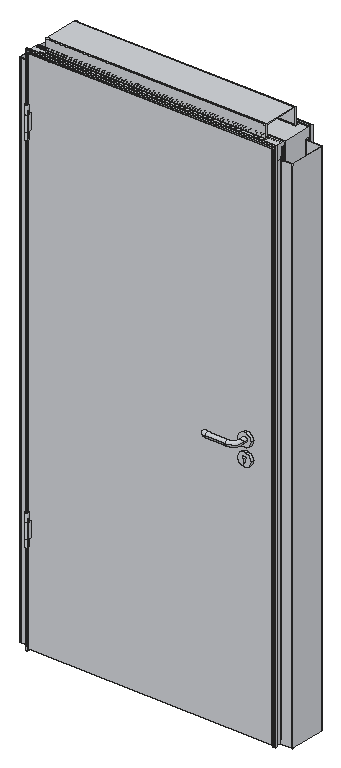
Revit family "BOS-Sino-Zarge-osd-STW_Familie", category Türen, Revit 2017 (continued)
Definition of nested family "BOS-Türblatt_Modell"
  Parameters (values of type "BOS-Türblatt_Modell")
    Glastürdrücker = no
    Glastürdrücker DIN rechts [instance] = and(Glastürdrücker, DIN rechts)  # no
    Glastürdrücker DIN links [instance] = and(Glastürdrücker, DIN links)  # no
    Gefälzt = yes
    FMH Zargen Falzmaß Höhe = 2108 mm
    FMB Zargen Falzmaß Breite = 966 mm
    Einfachfalz = yes
    Drückerhöhe = 1050 mm
    Drückergarnitur = yes
    Drückerabstand = 100 mm
    Drehpunktabstand vertikal = (2 * Türblattstärke) + Türblattversatz vertikal  # 76.5 mm
    Drehpunktabstand horizontal = (TAB Türblatt Außenmaß Breite / 2) + if(DIN links, -Türblattversatz horizontal, TAB Türblatt Außenmaß Breite + Türblattversatz horizontal)  # 481 mm
    Doppelfalz = no
    Drückergarnitur DIN rechts [instance] = and(Drückergarnitur, DIN rechts)  # no
    Drückergarnitur DIN links [instance] = and(Drückergarnitur, DIN links)  # yes
    DIN rechts = no
    DIN links = yes
    Description = "Holz- oder Glastürblatt, mit Drücker, gefälzt oder stumpf"
    Keynote = "BOS Türblatt"
    TAB3 Türblatt Außenmaß Breite 3 = FMB Zargen Falzmaß Breite - 2 * (Falzaufschlag + [Türblattabstand links-rechts])  # 929 mm
    TAB Türblatt Außenmaß Breite = FMB Zargen Falzmaß Breite + 2 * (if(Gefälzt, Türblattaufschlag, 0 mm) - [Türblattabstand links-rechts])  # 985 mm
    TAB2 Türblatt Außenmaß Breite 2 = FMB Zargen Falzmaß Breite - 2 * ([Türblattabstand links-rechts])  # 959 mm
    Falzaufschlag = 15 mm
    BOS-Architekten-Beratung = "Tel.: +49 (0) 2572 203-203; E-Mail: architekten@BestOfSteel.de"
  Reference planes
    plane 1: y = -7
    plane 2: z = 0
    plane 3: x = 0
    plane 4: z = 7
    plane 5: z = 2117
    plane 6: x = -492.5
    plane 7: x = 492.5
    plane 8: x = -479.5
    plane 9: x = 479.5
    plane 10: x = 464.5
    plane 11: x = -464.5
    plane 12: y = 7.5
    plane 13: y = 33
    plane 14: y = 33
    plane 15: z = 2104
    plane 16: z = 2089
    plane 17: x = -392.5
    plane 18: x = 392.5
    plane 19: y = 73
    plane 20: z = 1050
    plane 21: x = -502.5
    plane 22: x = 502.5
    plane 23: z = 2127
    plane 24: x = -985
    plane 25: x = -504
    plane 26: y = -3.5
  Forms (mm)
    Extrusion 1, solid, material <- "Material - Türblatt", detail levels medium+fine
      sketch origin (0, 0, 0) x (1, 0, 0) y (0, 1, 0)
        loop
          line (-492.5, 33) -> (-492.5, -7) -> (492.5, -7) -> (492.5, 33) -> (-492.5, 33)
      from 7 to 2117
    Extrusion 2, void
      sketch origin (0, 0, 0) x (1, 0, 0) y (0, 1, 0)
        loop
          line (-502.5, 73) -> (-502.5, 7.5) -> (-479.5, 7.5) -> (-479.5, 33) -> (-464.5, 33) -> (-464.5, 73) -> (-502.5, 73)
        loop
          line (464.5, 73) -> (464.5, 33) -> (479.5, 33) -> (479.5, 7.5) -> (502.5, 7.5) -> (502.5, 73) -> (464.5, 73)
      from 7 to 2117
    Extrusion 3, void
      sketch origin (0, 0, 0) x (0, 1, 0) y (0, 0, 1)
        loop
          line (73, 2127) -> (7.5, 2127) -> (7.5, 2104) -> (33, 2104) -> (33, 2089) -> (73, 2089) -> (73, 2127)
      from -492.5 to 492.5
  Cuts and joins
    Extrusion 2, Extrusion 3 cuts Extrusion 1
  Dimensions and locks
    "Türblattabstand unten": plane 4 to plane 2
    equal spacing: plane 6, plane 3, plane 7
    "TAB Türblatt Außenmaß Breite": plane 6 to plane 7
    equal spacing: plane 8, plane 3, plane 9
    "TAB2 Türblatt Außenmaß Breite 2": plane 8 to plane 9
    equal spacing: plane 11, plane 3, plane 10
    "TAB3 Türblatt Außenmaß Breite 3": plane 11 to plane 10
    "Türblattstärke 1": plane 1 to plane 12
    "Türblattstärke 2": plane 13 to plane 12
    "Türblattstärke 3": plane 14 to plane 13
    "TAH Türblatt Außenmaß Höhe": plane 5 to plane 4
    "TAH2 Türblatt Außenmaß Höhe 2": plane 15 to plane 4
    "TAH3 Türblatt Außenmaß Höhe 3": plane 16 to plane 4
    "Drückerabstand": plane 6 to plane 17
    "Drückerabstand": plane 18 to plane 7
    "Türblattstärke": plane 19 to plane 14
    "Drückerhöhe": plane 20 to plane 2
    plane 21 to plane 6 = 10 mm
    plane 7 to plane 22 = 10 mm
    plane 23 to plane 5 = 10 mm
    "Drehpunktabstand horizontal": plane 24 to plane 25
    "TAB Türblatt Außenmaß Breite": plane 24 to plane 3
    "Drehpunktabstand vertikal": plane 19 to plane 26
    aligned and locked: level to plane 2
    aligned and locked: Extrusion 1 sketch curve to plane 1
    aligned and locked: Extrusion 1 sketch curve to plane 6
    aligned and locked: Extrusion 1 sketch curve to plane 14
    aligned and locked: Extrusion 1 sketch curve to plane 7
    aligned and locked: Extrusion 1 to plane 4
    aligned and locked: plane 5 to Extrusion 1
    aligned and locked: plane 19 to Extrusion 2 sketch curve
    aligned and locked: plane 11 to Extrusion 2 sketch curve
    aligned and locked: plane 13 to Extrusion 2 sketch curve  (x2)
    aligned and locked: plane 8 to Extrusion 2 sketch curve
    aligned and locked: Extrusion 2 sketch curve to plane 12
    aligned and locked: plane 10 to Extrusion 2 sketch curve
    aligned and locked: plane 9 to Extrusion 2 sketch curve
    aligned and locked: plane 12 to Extrusion 2 sketch curve
    aligned and locked: Extrusion 2 sketch curve to plane 19
    aligned and locked: Extrusion 2 to plane 4
    aligned and locked: plane 5 to Extrusion 2
    aligned and locked: Extrusion 3 sketch curve to plane 12
    aligned and locked: plane 19 to Extrusion 3 sketch curve
    aligned and locked: Extrusion 3 sketch curve to plane 16
    aligned and locked: Extrusion 3 sketch curve to plane 15
    aligned and locked: Extrusion 3 sketch curve to plane 13
    aligned and locked: plane 7 to Extrusion 3
    aligned and locked: Extrusion 3 to plane 6
    aligned and locked: plane 22 to Extrusion 2 sketch curve
    aligned and locked: Extrusion 2 sketch curve to plane 21
    aligned and locked: plane 23 to Extrusion 3 sketch curve
    aligned and locked: nested 1 to plane 20
    aligned and locked: plane 20 to nested 3
    aligned and locked: plane 20 to nested 2
    aligned and locked: nested 4 to plane 20
    aligned and locked: nested 1 to plane 17
    aligned and locked: nested 3 to plane 17
    aligned and locked: nested 2 to plane 18
    aligned and locked: nested 4 to plane 18
    aligned and locked: plane 1 to nested 1
    aligned and locked: nested 3 to plane 14
    aligned and locked: plane 14 to nested 4
    aligned and locked: nested 2 to plane 1
    aligned and locked: nested 5 to plane 20
    aligned and locked: plane 20 to nested 6
    aligned and locked: nested 5 to plane 6
    aligned and locked: nested 6 to plane 7
    aligned and locked: plane 1 to nested 5
    aligned and locked: nested 6 to plane 1
  Nested families
    nested 1: "BOS-Drückergarnitur_Modell" at (-392.5, -7, 1050), visible <- "Drückergarnitur DIN rechts", type "BOS-Drückergarnitur_Modell", detail levels fine
    nested 2: "BOS-Drückergarnitur_Modell" at (392.5, -7, 1050) x (-1, 0, 0) z (0, 0, 1), visible <- "Drückergarnitur DIN links", type "BOS-Drückergarnitur_Modell", detail levels fine
    nested 3: "BOS-Drückergarnitur_Modell" at (-392.5, 33, 1050), visible <- "Drückergarnitur DIN rechts", type "BOS-Drückergarnitur_Modell", detail levels fine
    nested 4: "BOS-Drückergarnitur_Modell" at (392.5, 33, 1050) x (-1, 0, 0) z (0, 0, 1), visible <- "Drückergarnitur DIN links", type "BOS-Drückergarnitur_Modell", detail levels fine
    nested 5: "BOS-Glastürdrücker_Modell" at (-436, -82, 1050), visible <- "Glastürdrücker DIN rechts", type "BOS-Glastürdrücker_Modell", detail levels fine
      with Türblattstärke 40 mm
    nested 6: "BOS-Glastürdrücker_Modell" at (436, -82, 1050) x (-1, 0, 0) z (0, 0, 1), visible <- "Glastürdrücker DIN links", type "BOS-Glastürdrücker_Modell", detail levels fine
      with Türblattstärke 40 mm
  Definition of nested family "BOS-Drückergarnitur_Modell"
    Parameters (values of type "BOS-Drückergarnitur_Modell")
      URL = "www.BestOfSteel.de"
      Rechtliche Hinweise = "www.BestOfSteel.de/tools-downloads/bim-building-information-modeling/"
      Material - Drückergarnitur = none
      Description = "Drücker und Rosette"
      Keynote = "BOS Drückergarnitur"
      BOS-Architekten-Beratung = "Tel.: +49 (0) 2572 203-203; E-Mail: architekten@BestOfSteel.de"
      Technische Infos rund um die Stahlzarge = "www.BestOfSteel.de/tools-downloads/technische-infos-rund-um-die-stahlzarge/"
    Reference planes
      plane 1: y = 0
      plane 2: z = 0
      plane 3: x = 0
    Forms (mm)
      Sweep 1, solid, material <- "Material - Drückergarnitur"
        path origin (0, 0, 0) x (1, 0, 0) y (0, 1, 0)
          loop
            line (0, 0) -> (0, -10)
        profile origin (0, -5, 0) x (1, 0, 0) y (0, 0, 1)
          loop
            circle (0, 0) r 26
      Sweep 2, solid, material <- "Material - Drückergarnitur"
        path origin (0, 0, 0) x (1, 0, 0) y (0, 1, 0)
          loop
            line (0, -10) -> (0, -30.336)
            arc (0, -30.336) -> (8.201, -50.135) -> (28, -58.336) r 28
            line (28, -58.336) -> (108.063, -58.336)
            arc (108.063, -58.336) -> (116.614, -56.829) -> (124.133, -52.487) r 25
        profile origin (0, -20.168, 0) x (1, 0, 0) y (0, 0, 1)
          loop
            circle (0, 0) r 9
      Sweep 3, solid, material <- "Material - Drückergarnitur"
        path origin (0, 0, -70) x (1, 0, 0) y (0, 1, 0)
          loop
            line (0, 0) -> (0, -10)
        profile origin (0, -5, -70) x (1, 0, 0) y (0, 0, 1)
          loop
            circle (0, 0) r 26
          loop
            arc (-4.3, -12.6) -> (0, -16.9) -> (4.3, -12.6) r 4.3
            line (4.3, -12.6) -> (4.3, 0)
            arc (4.3, 0) -> (7.07, 8.305) -> (0, 13.47) r 7.421
            arc (0, 13.47) -> (-7.07, 8.305) -> (-4.3, 0) r 7.421
            line (-4.3, 0) -> (-4.3, -12.6)
    Dimensions and locks
      plane 2 to Sweep 3 = 70 mm
    Automatic sketch dimensions
      Sweep 1 sketch curve to plane 3 = 0 mm
      plane 1 to Sweep 1 sketch curve = 0 mm
      plane 1 to Sweep 1 sketch curve = 10 mm
      level to Sweep 1 sketch curve = 0 mm
      profile plane to Sweep 1 sketch curve = 0 mm
      Sweep 2 sketch curve to plane 3 = 0 mm
      plane 3 to Sweep 2 sketch curve = 28 mm
      plane 1 to Sweep 2 sketch curve = 33.336 mm
      Sweep 2 sketch curve to Sweep 2 sketch curve = 80.063 mm
      plane 1 to Sweep 2 sketch curve = 58.336 mm
      Sweep 2 sketch curve to Sweep 2 sketch curve = 16.07 mm
      plane 1 to Sweep 2 sketch curve = 10 mm
      level to Sweep 2 sketch curve = 0 mm
      profile plane to Sweep 2 sketch curve = 0 mm
      Sweep 3 sketch curve to plane 3 = 0 mm
      plane 1 to Sweep 3 sketch curve = 0 mm
      plane 1 to Sweep 3 sketch curve = 10 mm
      Sweep 3 sketch curve to Sweep 3 sketch curve = 0 mm  (x2)
      Sweep 3 sketch curve to profile plane = 0 mm  (x2)
      profile plane to Sweep 3 sketch curve = 0 mm  (x3)
      Sweep 3 sketch curve to Sweep 3 sketch curve = 4.3 mm
      Sweep 3 sketch curve to Sweep 3 sketch curve = 12.6 mm
      profile plane to Sweep 3 sketch curve = 6.049 mm
      radius of Sweep 1 sketch curve = 26 mm
      radius of Sweep 2 sketch curve = 9 mm
      radius of Sweep 3 sketch curve = 26 mm
  Definition of nested family "BOS-Glastürdrücker_Modell"
    Parameters (values of type "BOS-Glastürdrücker_Modell")
      URL = "www.BestOfSteel.de"
      Türblattstärke = 8 mm
      Rechtliche Hinweise = "www.BestOfSteel.de/tools-downloads/bim-building-information-modeling/"
      Material - Drückergarnitur = none
      Manufacturer = ""
      Description = "Glastürdrücker"
      Keynote = "BOS Glastürdrücker"
      BOS-Architekten-Beratung = "Tel.: +49 (0) 2572 203-203; E-Mail: architekten@BestOfSteel.de"
      Technische Infos rund um die Stahlzarge = "www.BestOfSteel.de/tools-downloads/technische-infos-rund-um-die-stahlzarge/"
    Reference planes
      plane 1: y = 75
      plane 2: z = 0
      plane 3: x = 0
      plane 4: y = 83
      plane 5: y = 90.5
      plane 6: y = 100.5
      plane 7: y = 55
      plane 8: y = 45
      plane 9: y = 148.84
      plane 10: z = -77
      plane 11: y = -3.34
      plane 12: x = -56.5
    Forms (mm)
      Extrusion 1, solid, material <- "Material - Drückergarnitur"
        sketch origin (-56.5, 75, 1200) x (-1, 0, 0) y (0, 0, 1)
          loop
            circle (-56.5, -1200) r 26
          loop
            circle (-56.5, -1277) r 26
          loop
            arc (-52.2, -1277) -> (-49.43, -1268.695) -> (-56.5, -1263.53) r 7.421
            arc (-56.5, -1263.53) -> (-63.57, -1268.695) -> (-60.8, -1277) r 7.421
            line (-60.8, -1277) -> (-60.8, -1289.6)
            arc (-60.8, -1289.6) -> (-56.5, -1293.9) -> (-52.2, -1289.6) r 4.3
            line (-52.2, -1289.6) -> (-52.2, -1277)
        from -30 to 25.5
      Extrusion 2, solid, material <- "Material - Drückergarnitur"
        sketch origin (-56.5, 75, 1200) x (-1, 0, 0) y (0, 0, 1)
          loop
            line (0, -1308) -> (0, -1136.127) -> (-66, -1136.127)
            arc (-66, -1136.127) -> (-83.678, -1143.449) -> (-91, -1161.127) r 25
            line (-91, -1161.127) -> (-91, -1283)
            arc (-91, -1283) -> (-83.678, -1300.678) -> (-66, -1308) r 25
            line (-66, -1308) -> (0, -1308)
        from -20 to 15.5
      Extrusion 3, void
        sketch origin (0, 0, 0) x (1, 0, 0) y (0, 1, 0)
          loop
            line (-56.5, 90.5) -> (-56.5, 75) -> (34.5, 75) -> (34.5, 83) -> (-42.5, 83) -> (-42.5, 90.5) -> (-56.5, 90.5)
        from -108 to 63.873
      Sweep 4, solid, material <- "Material - Drückergarnitur"
        path origin (-43.298, 48.32, 0) x (1, 0, 0) y (0, 1, 0)
          loop
            line (43.298, -3.32) -> (43.298, -23.656)
            arc (43.298, -23.656) -> (51.499, -43.455) -> (71.298, -51.656) r 28
            line (71.298, -51.656) -> (151.361, -51.656)
            arc (151.361, -51.656) -> (159.912, -50.149) -> (167.431, -45.807) r 25
        profile origin (0, 34.832, 0) x (1, 0, 0) y (0, 0, 1)
          loop
            circle (0, 0) r 9
      Sweep 5, solid, material <- "Material - Drückergarnitur"
        path origin (-43.298, 97.18, 0) x (1, 0, 0) y (0, 1, 0)
          loop
            line (43.298, 3.32) -> (43.298, 23.656)
            arc (43.298, 23.656) -> (51.499, 43.455) -> (71.298, 51.656) r 28
            line (71.298, 51.656) -> (151.361, 51.656)
            arc (151.361, 51.656) -> (159.912, 50.149) -> (167.431, 45.807) r 25
        profile origin (0, 110.668, 0) x (-1, 0, 0) y (0, 0, 1)
          loop
            circle (0, 0) r 9
    Cuts and joins
      Extrusion 3 cuts Extrusion 2
      Extrusion 3 cuts Extrusion 1
    Dimensions and locks
      plane 9 to plane 6 to plane 5 to plane 4 = 48.34 mm, 10 mm, 7.5 mm
      plane 11 to plane 8 to plane 7 to plane 1 = 48.34 mm, 10 mm, 20 mm
      "Türblattstärke": plane 4 to plane 1
      plane 2 to plane 10 = 77 mm
      aligned and locked: level to plane 2
      aligned and locked: plane 6 to Extrusion 1
      aligned and locked: Extrusion 1 to plane 8
      aligned and locked: plane 5 to Extrusion 2
      aligned and locked: Extrusion 2 to plane 7
      aligned and locked: Extrusion 3 to Extrusion 2
      aligned and locked: plane 1 to Extrusion 3
    Automatic sketch dimensions
      Extrusion 1 sketch curve to Extrusion 1 sketch curve = 0 mm  (x2)
      Extrusion 1 sketch curve to plane 10 = 0 mm  (x2)
      Extrusion 1 sketch curve to plane 3 = 0 mm  (x4)
      Extrusion 1 sketch curve to level = 0 mm
      Extrusion 1 sketch curve to Extrusion 1 sketch curve = 4.3 mm
      Extrusion 1 sketch curve to Extrusion 1 sketch curve = 12.6 mm
      plane 10 to Extrusion 1 sketch curve = 6.049 mm
      plane 3 to Extrusion 2 sketch curve = 9.5 mm  (x2)
      Extrusion 2 sketch curve to Extrusion 2 sketch curve = 25 mm
      Extrusion 2 sketch curve to plane 10 = 31 mm
      level to Extrusion 2 sketch curve = 38.873 mm
      plane 1 to Extrusion 3 sketch curve = 0 mm
      Extrusion 3 sketch curve to plane 4 = 0 mm
      Extrusion 3 sketch curve to plane 5 = 0 mm
      plane 3 to Extrusion 3 sketch curve = 34.5 mm
      Sweep 4 sketch curve to plane 3 = 0 mm
      Sweep 4 sketch curve to plane 8 = 0 mm
      Sweep 4 sketch curve to plane 8 = 20.336 mm
      Sweep 4 sketch curve to Sweep 4 sketch curve = 28 mm
      Sweep 4 sketch curve to plane 8 = 23.336 mm
      Sweep 4 sketch curve to Sweep 4 sketch curve = 80.063 mm
      plane 11 to Sweep 4 sketch curve = 5.853 mm
      profile plane to Sweep 4 sketch curve = 0 mm
      Sweep 4 sketch curve to profile plane = 0 mm
      Sweep 5 sketch curve to plane 3 = 0 mm
      Sweep 5 sketch curve to Sweep 5 sketch curve = 28 mm
      Sweep 5 sketch curve to plane 9 = 25.004 mm
      Sweep 5 sketch curve to Sweep 5 sketch curve = 80.063 mm
      Sweep 5 sketch curve to plane 9 = 28.004 mm
      Sweep 5 sketch curve to plane 9 = 5.853 mm
      plane 6 to Sweep 5 sketch curve = 0 mm
      Sweep 5 sketch curve to profile plane = 0 mm  (x2)
      Extrusion 2 sketch curve to plane 3 = 56.5 mm
      Extrusion 3 sketch curve to plane 3 = 42.5 mm
      Extrusion 3 sketch curve to Extrusion 3 sketch curve = 14 mm
      radius of Extrusion 1 sketch curve = 26 mm  (x2)
      radius of Sweep 4 sketch curve = 9 mm
      radius of Sweep 5 sketch curve = 9 mm
Definition of nested family "BOS-BOS_Modell"
  Parameters (values of type "BOS-BOS_Modell")
    Abstand = 22 mm
  Reference planes
    plane 1 "Mitte (Vorne/hinten)": y = 0
    plane 2: z = 0
    plane 3 "Mitte (Links/rechts)": x = 0
    plane 4 "BOS": x = -22
  Dimensions and locks
    "Abstand": plane 4 "BOS" to plane 3 "Mitte (Links/rechts)"
    aligned and locked: level to plane 2
    aligned and locked: plane 1 "Mitte (Vorne/hinten)" to text3d elem
    aligned and locked: text3d elem to level
Definition of nested family "BOS-Info-Texte_Beschriftung"
  Parameters (values of type "Türblattgewicht Hinweis")
    Unten = no
    Schwarz = yes
    Rot = no
    Oben = yes
    Info-Text En unten = "Kein Text"
    Info-Text De unten = "Kein Text"
    Info-Text En oben = "Attention! Take Doorleaf weight into account!\r\nSee Webseite"
    Englisch unten rot = and(and(Unten, Englisch), Rot)  # no
    Englisch unten schwarz = and(and(Unten, Englisch), Schwarz)  # no
    Englisch oben rot = and(and(Oben, Englisch), Rot)  # no
    Englisch oben schwarz = and(and(Oben, Englisch), Schwarz)  # no
    Info-Text De oben = "Achtung! Türblattgewicht beachten!\r\nSiehe Webseite"
    Warndreieck = no
    Fehlerkreis = yes
    Englisch = no
    Deutsch unten rot = and(and(Unten, Deutsch), Rot)  # no
    Deutsch unten schwarz = and(and(Unten, Deutsch), Schwarz)  # no
    Deutsch oben rot = and(and(Oben, Deutsch), Rot)  # no
    Deutsch oben schwarz = and(and(Oben, Deutsch), Schwarz)  # yes
    Deutsch = not(Englisch)  # yes
    Ausrufezeichen = "!"
  Types (13, lengths in mm): name | Unten | Schwarz | Rot | Oben | Info-Text En unten | Info-Text De unten | Info-Text En oben | Info-Text De oben | Warndreieck | Fehlerkreis | Deutsch unten schwarz | Deutsch oben rot | Deutsch oben schwarz
    Rechtliche Hinweise | no | yes | no | yes | "Kein Text" | "Kein Text" | "In accordance with the protection note according to DIN 34, the ownership and copyrights are reserved!\r\n© 2016 BOS GmbH, Emsdetten, Germany -\r\nObserve the ISO 16016 protective label (see ID data)!\r\n\r\nSubject to technical change!" | "Entsprechend dem Schutzvermerk nach DIN 34 behalten wir uns Eigentum und Urheberrecht vor!\r\n© 2016 BOS GmbH, Emsdetten, Deutschland -\r\nSchutzvermerk ISO 16016 beachten (siehe ID-Daten)!\r\n\r\nTechnische Änderungen vorbehalten!" | no | no | no | no | yes
    Maulweite Fehlermeldung | no | yes | no | yes | "Kein Text" | "Kein Text" | "Check the wall thickness!" | "Wandstärke prüfen!" | no | yes | no | no | yes
    Verstellbereich | no | yes | no | yes | "Kein Text" | "Kein Text" | "Adjustment area from -5 to +15mm,\r\nother adjustment areas possible" | "Verstellbereich von -5 bis +15mm\r\nanderer Verstellbereich möglich" | no | no | no | no | yes
    Verstellbereich wSvdW | no | yes | no | yes | "Kein Text" | "Kein Text" | "Adjustment area in the soffit from -2 to +15mm,\r\nother adjustment areas possible" | "Verstellbereich in der Zargenleibung von -2 bis +15mm\r\nanderer Verstellbereich möglich" | no | no | no | no | yes
    Wandartauswahl 15Nz15Z | no | yes | no | yes | "Kein Text" | "Kein Text" | "Attention for stud walls: underlay from site required!\r\nFor DIN door leaves, select larger structural wall measurements.\r\nFor selection \"stud walls\":\r\nsee 'Features' (remove tick for brick walls)" | "Achtung bei Ständerwerk: bauseitige Unterfütterung erforderlich!\r\nBei DIN-Türblatt Rohbaumaße größer wählen.\r\nFür Auswahl \"Ständerwerk\": \r\nsiehe 'Eigenschaften' (Häkchen entfernen bei Mauerwerk)." | no | no | no | no | yes
    Technische Hinweise | no | yes | no | yes | "Kein Text" | "Kein Text" | "Due to manufacturing reasons this Revit family may not be changed\r\nwithout consulting BOS!\r\n\r\nDo not mirror frames (door list)!\r\nsee ‘Features’: DIN left / DIN right\r\n\r\nThe solid and stud walls or, for example, their profiles,\r\nmust be designed so that they can reliably and sustainably\r\nabsorb the static and dynamic forces resulting\r\nfrom the load on the door element used." | "Diese Revit-Familie darf aus fertigungstechnischen Gründen\r\nnicht ohne Rücksprache mit BOS abgeändert werden!\r\n\r\nZargen nicht spiegeln (Türliste)!\r\nsiehe 'Eigenschaften': DIN links / DIN rechts\r\n\r\nDie Massiv- und Ständerwerkswände bzw. deren Profile\r\nmüssen so ausgebildet sein, dass sie die statischen\r\nund dynamischen Kräfte, welche sich aus der Belastung\r\ndes verwendeten Türelements ergeben, zuverlässig\r\nund nachhaltig aufnehmen können." | no | no | no | no | yes
    Drückerhöhe Warnung | yes | yes | no | no | "Please take the handle depth/height and/or DIN opening direction into account" | "Drückertiefen/-höhen und/oder DIN Richtungen beachten/anpassen!" | "Kein Text" | "Kein Text" | yes | no | yes | no | no
    Maulweite-Dehnungsfuge Fehlermeldung | no | yes | no | yes | "Kein Text" | "Kein Text" | "Check the wall thickness and/or expansion joint!" | "Wandstärke und/oder Dehnungsfuge prüfen!" | no | yes | no | no | yes
    Technische Hinweise Norm | no | yes | no | yes | "Kein Text" | "Kein Text" | "Due to manufacturing reasons this Revit family may not be changed\r\nwithout consulting BOS!\r\n\r\nThe solid and stud walls or, for example, their profiles,\r\nmust be designed so that they can reliably and sustainably\r\nabsorb the static and dynamic forces resulting\r\nfrom the load on the door element used." | "Diese Revit-Familie darf aus fertigungstechnischen Gründen\r\nnicht ohne Rücksprache mit BOS abgeändert werden!\r\n\r\nDie Massiv- und Ständerwerkswände bzw. deren Profile\r\nmüssen so ausgebildet sein, dass sie die statischen\r\nund dynamischen Kräfte, welche sich aus der Belastung\r\ndes verwendeten Türelements ergeben, zuverlässig\r\nund nachhaltig aufnehmen können." | no | no | no | no | yes
    Maßauswahl | no | no | yes | yes | "Kein Text" | "Kein Text" | "To choose  Rebate Width/Height Measurement, Receiving Opening\r\nsee 'Features'" | "Auswahl von FMB, FMH, MW\r\nunter 'Eigenschaften'" | no | no | no | yes | no
    Rohbaumaß Warnung | no | yes | no | yes | "Kein Text" | "Kein Text" | "For DIN door leaves, select larger structural wall measurements!\r\nWhen changing the architrave widths, the structural measurements change accordingly." | "Bei DIN-Türblatt Rohbaumaße größer wählen!\r\nBei Änderung der Spiegelbreiten, Rohbaumaße beachten." | no | no | no | no | yes
    Drehpunkt Warnung | no | yes | no | yes | "Kein Text" | "Kein Text" | "The actual pivot point of the door leaf\r\nmay differ from the one illustrated!" | "Der tatsächliche Drehpunkt des Türblattes\r\nkann von der Darstellung abweichen!" | no | no | no | no | yes
    Türblattgewicht Hinweis | no | yes | no | yes | "Kein Text" | "Kein Text" | "Attention! Take Doorleaf weight into account!\r\nSee Webseite" | "Achtung! Türblattgewicht beachten!\r\nSiehe Webseite" | no | yes | no | no | yes
  Reference planes
    plane 1: y = 0.955
    plane 2: x = 0
  Lines and regions (mm)
    Filled region 1, type "Gefüllter Bereich Gelb", visible <- "Warndreieck"
      outline origin (-7.188, 1.747, 0) x (1, 0, 0) y (0, 1, 0)
        loop
          line (5.951, -3.033) -> (8.413, -3.033) -> (7.182, -0.9) -> (5.951, -3.033)
    Filled region 2, type "Gefüllter Bereich Rot", visible <- "Fehlerkreis"
      outline origin (0, -3.763, 0) x (1, 0, 0) y (0, 1, 0)
        loop
          circle (0, 3.1) r 1.5
        loop
          line (-0.937, 3.486) -> (-0.937, 2.686) -> (1.023, 2.686) -> (1.023, 3.486) -> (-0.937, 3.486)
    Filled region 3, type "Gefüllter Bereich Weiss", visible <- "Fehlerkreis"
      outline origin (-7.014, -2.062, 0) x (1, 0, 0) y (0, 1, 0)
        loop
          line (6.077, 1.785) -> (6.077, 0.985) -> (8.038, 0.985) -> (8.038, 1.785) -> (6.077, 1.785)
  Text (mm)
    label "Info-Text De oben schwarz" at (0.065, 1.415, 0), shows "Info-Text De oben", visible <- "Deutsch oben schwarz"
    label "!" at (0.065, -0.414, 0), shows "Ausrufezeichen", visible <- "Warndreieck"
    label "Info-Text En oben schwarz" at (0.065, 1.415, 0), shows "Info-Text En oben", visible <- "Englisch oben schwarz"
    label "Info-Text De unten schwarz" at (0.218, -2.468, 0), shows "Info-Text De unten", visible <- "Deutsch unten schwarz"
    label "Info-Text En unten schwarz" at (0.065, -2.419, 0), shows "Info-Text En unten", visible <- "Englisch unten schwarz"
    label "Info-Text En oben rot" at (0.065, 1.415, 0), shows "Info-Text En oben", visible <- "Englisch oben rot"
    label "Info-Text En unten rot" at (0.065, -2.419, 0), shows "Info-Text En unten", visible <- "Englisch unten rot"
    label "Info-Text De unten rot" at (0.065, -2.419, 0), shows "Info-Text De unten", visible <- "Deutsch unten rot"
    label "Info-Text De oben rot" at (-0.371, 1.396, 0), shows "Info-Text De oben", visible <- "Deutsch oben rot"
Definition of nested family "BOS-Logo_Modell"
  Parameters (values of type "BOS-Logo_Modell")
    URL = "www.BestOfSteel.de"
    Rechtliche Hinweise = "www.BestOfSteel.de/tools-downloads/bim-building-information-modeling/"
    Description = "BOS Logo"
    Keynote = "BOS Logo"
    BOS-Architekten-Beratung = "Tel.: +49 (0) 2572 203-203; E-Mail: architekten@BestOfSteel.de"
    Technische Infos rund um die Stahlzarge = "www.BestOfSteel.de/tools-downloads/technische-infos-rund-um-die-stahlzarge/"
    Abstand vertikal = 10 mm
    Abstand horizontal = 15 mm
  Reference planes
    plane 1: y = 0
    plane 2: z = 0
    plane 3: x = 0
    plane 4: x = -7
    plane 5: x = 7
    plane 6: y = 8.299
    plane 7: x = 15
    plane 8: y = 4.15
    plane 9: x = -15
    plane 10: y = 14.15
    plane 11: y = -5.85
  Dimensions and locks
    plane 4 to plane 3 to plane 5 = 7 mm, 7 mm
    "Abstand vertikal": plane 11 to plane 8 to plane 10
    plane 6 to plane 8 to plane 1 = 4.15 mm, 4.15 mm
    "Abstand horizontal": plane 9 to plane 3
    "Abstand horizontal": plane 3 to plane 7
    aligned and locked: level to plane 2
Definition of nested family "BOS-Bügelanker-eckig_Detail"
  Parameters (values of type "BOS-Bügelanker-eckig_Detail")
    Unterfütterungsstärke = 5 mm
    URL = "www.BestOfSteel.de"
    Rechtliche Hinweise = "www.BestOfSteel.de/tools-downloads/bim-building-information-modeling/"
    Radius innen = 1 mm
    Putzwinkel vorne = 15 mm
    MW Maulweite = 200 mm
    Beplankungsstärke vorne 2 = 12.5 mm
    Beplankungsstärke vorne 1 = 12.5 mm
    Beplankungsstärke vorne = Beplankungsstärke vorne 2 + if(Doppelbeplankt, Beplankungsstärke vorne 1, 0 mm)  # 25 mm
    Beplankungsstärke hinten 2 = 12.5 mm
    Beplankungsstärke hinten 1 = 12.5 mm
    Beplankungsstärke hinten = Beplankungsstärke hinten 2 + if(Doppelbeplankt, Beplankungsstärke hinten 1, 0 mm)  # 25 mm
    BOS-Architekten-Beratung = "Tel.: +49 (0) 2572 203-203; E-Mail: architekten@BestOfSteel.de"
    Ankerlasche hinten = 20 mm
    Anker sichtbar = yes
    Technische Infos rund um die Stahlzarge = "www.BestOfSteel.de/tools-downloads/technische-infos-rund-um-die-stahlzarge/"
    Manufacturer = "BOS GmbH Best Of Steel, Lütkenfelde 4, D-48282 Emsdetten"
    Falzaufschlag gesamt = 15 mm
    Einfügepunkt = 30 mm
    Einfacheplankt = MW Maulweite < 100 mm  # no
    Doppelbeplankt = not(Einfacheplankt)  # yes
    Blechstärke = 1.5 mm
    Description = "Bügelanker eckig"
    Beplankungsabstand vorne 2 = 20 mm
    Beplankungsabstand vorne 1 = 10 mm
    Beplankungsabstand hinten 2 = 20 mm
    Beplankungsabstand hinten 1 = 10 mm
    Keynote = "BOS Detail"
    Acrylfuge vorne sichtbar = no
    Acrylfuge hinten sichtbar = no
  Reference planes
    plane 1: y = 0
    plane 2: z = 0
    plane 3: x = 0
    plane 4: y = 200
    plane 5: x = -50
    plane 6: x = -100
    plane 7: x = 43.5
    plane 8: x = 28.5
    plane 9: x = 30
    plane 10: x = 45
    plane 11: y = 175
    plane 12: y = 25
    plane 13: y = 100
    plane 14: y = 187.5
    plane 15: y = 12.5
    plane 16: x = 35
    plane 17: x = 25
    plane 18: x = 20
    plane 19: x = 10
    plane 20: y = -15
    plane 21: y = -13.5
    plane 22: y = -12.5
    plane 23: y = 190.5
    plane 24: y = 170.5
    plane 25: x = 5
    plane 26: y = 187.5
    plane 27: y = 12.5
  Lines and regions (mm)
    detail lines, in view "Ref.-Ebene"
      curve 1: arc (0, 170, 0) -> (-1.464, 173.536, 0) -> (-5, 175, 0) r 5
      curve 2: arc (-5, 25, 0) -> (-1.464, 26.464, 0) -> (0, 30, 0) r 5
      curve 3: arc (-2, 170, 0) -> (-2.879, 172.121, 0) -> (-5, 173, 0) r 3
      curve 4: arc (-5, 27, 0) -> (-2.879, 27.879, 0) -> (-2, 30, 0) r 3
      curve 14: line (25, 175, 0) -> (-100, 175, 0)
      curve 15: line (10, 25, 0) -> (-100, 25, 0)
      curve 16: line (-50, 175, 0) -> (-50, 173, 0)
      curve 17: line (-50, 173, 0) -> (-5, 173, 0)
      curve 18: line (-5, 27, 0) -> (-50, 27, 0)
      curve 19: line (-50, 27, 0) -> (-50, 25, 0)
      curve 20: line (25, 187.5, 0) -> (-100, 187.5, 0)
      curve 21: line (-2, 170, 0) -> (-2, 30, 0)
      curve 34: line (25, 175, 0) -> (25, 187.5, 0)
      curve 36: line (10, 25, 0) -> (10, 12.5, 0)
      curve 37: line (10, 12.5, 0) -> (-100, 12.5, 0)
      curve 41: line (0, 170, 0) -> (0, 30, 0)
    detail lines, in view "Ref.-Ebene", visible <- "Anker sichtbar"
      curve 5: arc (5, 30.5, 0) -> (5.879, 28.379, 0) -> (8, 27.5, 0) r 3
      curve 6: arc (7, 30.5, 0) -> (7.293, 29.793, 0) -> (8, 29.5, 0) r 1
      curve 7: arc (26.5, 26.5, 0) -> (26.207, 27.207, 0) -> (25.5, 27.5, 0) r 1
      curve 8: arc (28.5, 26.5, 0) -> (27.621, 28.621, 0) -> (25.5, 29.5, 0) r 3
      curve 9: arc (8, 172.5, 0) -> (5.879, 171.621, 0) -> (5, 169.5, 0) r 3
      curve 10: arc (8, 170.5, 0) -> (7.293, 170.207, 0) -> (7, 169.5, 0) r 1
      curve 11: arc (40.5, 172.5, 0) -> (41.207, 172.793, 0) -> (41.5, 173.5, 0) r 1
      curve 12: arc (40.5, 170.5, 0) -> (42.621, 171.379, 0) -> (43.5, 173.5, 0) r 3
      curve 22: line (7, 169.5, 0) -> (7, 30.5, 0)
      curve 23: line (26.5, -12.5, 0) -> (26.5, 26.5, 0)
      curve 24: line (25.5, 27.5, 0) -> (8, 27.5, 0)
      curve 25: line (25.5, 29.5, 0) -> (8, 29.5, 0)
      curve 26: line (40.5, 172.5, 0) -> (8, 172.5, 0)
      curve 27: line (40.5, 170.5, 0) -> (8, 170.5, 0)
      curve 28: line (43.5, 173.5, 0) -> (43.5, 190.5, 0)
      curve 29: line (43.5, 190.5, 0) -> (41.5, 190.5, 0)
      curve 30: line (41.5, 190.5, 0) -> (41.5, 173.5, 0)
      curve 31: line (28.5, 26.5, 0) -> (28.5, -12.5, 0)
      curve 33: line (26.5, -12.5, 0) -> (28.5, -12.5, 0)
      curve 40: line (5, 30.5, 0) -> (5, 169.5, 0)
    detail lines, in view "Ref.-Ebene", visible <- "Doppelbeplankt"
      curve 13: line (-100, 200, 0) -> (35, 200, 0)
      curve 32: line (20, 0, 0) -> (-100, 0, 0)
      curve 35: line (35, 187.5, 0) -> (35, 200, 0)
      curve 38: line (20, 0, 0) -> (20, 12.5, 0)
      curve 39: line (20, 12.5, 0) -> (-100, 12.5, 0)
      curve 42: line (35, 187.5, 0) -> (-100, 187.5, 0)
    detail lines, in view "Ref.-Ebene", visible <- "Acrylfuge hinten sichtbar"
      curve 43: line (35, 200, 0) -> (35, 192.694, 0)
      curve 44: arc (40, 201, 0) -> (37.648, 199.762, 0) -> (35, 200, 0) r 4.695
      curve 45: arc (40, 193, 0) -> (37.514, 192.62, 0) -> (35, 192.694, 0) r 13.906
      curve 46: line (40, 201, 0) -> (40, 193, 0)
    detail lines, in view "Ref.-Ebene", visible <- "Acrylfuge hinten sichtbar", not visible
      curve 47: line (134.497, 289.881, 0) -> (134.497, 282.575, 0)
      curve 48: arc (139.497, 290.881, 0) -> (137.144, 289.643, 0) -> (134.497, 289.881, 0) r 4.695
      curve 49: arc (139.497, 282.881, 0) -> (137.011, 282.501, 0) -> (134.497, 282.575, 0) r 13.906
      curve 50: line (139.497, 290.881, 0) -> (139.497, 282.881, 0)
    reference lines, in view "Ref.-Ebene"
      curve 51: line (41.105, 200, 0) -> (34.049, 200, 0)
      curve 52: line (40.883, 193, 0) -> (34.049, 193, 0)
      curve 59: line (26.105, 0, 0) -> (19.049, 0, 0)
      curve 60: line (25.883, 7, 0) -> (19.049, 7, 0)
    reference lines, in view "Ref.-Ebene", not visible
      curve 53: line (140.601, 289.881, 0) -> (133.546, 289.881, 0)
      curve 54: line (140.38, 282.881, 0) -> (133.546, 282.881, 0)
      curve 65: line (140.601, 275.881, 0) -> (133.546, 275.881, 0)
      curve 66: line (140.38, 282.881, 0) -> (133.546, 282.881, 0)
    detail lines, in view "Ref.-Ebene", visible <- "Acrylfuge vorne sichtbar"
      curve 55: line (20, 0, 0) -> (20, 7.306, 0)
      curve 56: arc (25, -1, 0) -> (22.648, 0.238, 0) -> (20, 0, 0) r 4.695
      curve 57: arc (25, 7, 0) -> (22.514, 7.38, 0) -> (20, 7.306, 0) r 13.906
      curve 58: line (25, -1, 0) -> (25, 7, 0)
    detail lines, in view "Ref.-Ebene", visible <- "Acrylfuge vorne sichtbar", not visible
      curve 61: line (134.497, 275.881, 0) -> (134.497, 283.187, 0)
      curve 62: arc (139.497, 274.881, 0) -> (137.144, 276.119, 0) -> (134.497, 275.881, 0) r 4.695
      curve 63: arc (139.497, 282.881, 0) -> (137.011, 283.261, 0) -> (134.497, 283.187, 0) r 13.906
      curve 64: line (139.497, 274.881, 0) -> (139.497, 282.881, 0)
  Dimensions and locks
    "MW Maulweite": plane 4 to plane 1
    plane 5 to plane 3 = 50 mm
    plane 6 to plane 3 = 100 mm
    "Blechstärke": plane 8 to plane 9
    "Einfügepunkt": plane 3 to plane 9
    "Blechstärke": plane 7 to plane 10
    "Falzaufschlag gesamt": plane 9 to plane 10
    equal spacing: plane 4, plane 13, plane 1
    "Beplankungsabstand vorne 1": plane 18 to plane 9
    "Beplankungsabstand vorne 2": plane 19 to plane 9
    "Beplankungsabstand hinten 2": plane 17 to plane 10
    "Beplankungsabstand hinten 1": plane 16 to plane 10
    "Putzwinkel vorne": plane 20 to plane 1
    "Blechstärke": plane 20 to plane 21
    "Radius innen": plane 21 to plane 22
    "Ankerlasche hinten": plane 24 to plane 23
    plane 11 to plane 24 = 4.5 mm
    "Unterfütterungsstärke": plane 3 to plane 25
    "Beplankungsstärke hinten 2": plane 14 to plane 11
    "Beplankungsstärke hinten 1": plane 4 to plane 26
    "Beplankungsstärke hinten": plane 4 to plane 11
    "Beplankungsstärke vorne 2": plane 12 to plane 15
    "Beplankungsstärke vorne 1": plane 27 to plane 1
    "Beplankungsstärke vorne": plane 12 to plane 1
    radius of curve 3 = 3 mm
    radius of curve 1 = 5 mm
    radius of curve 2 = 5 mm
    radius of curve 4 = 3 mm
    radius of curve 10 = 1 mm
    radius of curve 9 = 3 mm
    radius of curve 6 = 1 mm
    radius of curve 5 = 3 mm
    radius of curve 7 = 1 mm
    radius of curve 8 = 3 mm
    radius of curve 11 = 1 mm
    radius of curve 12 = 3 mm
    aligned and locked: curve 59 to plane 1
    aligned and locked: curve 55 to plane 18
    aligned and locked: plane 4 to curve 51
    aligned and locked: curve 43 to plane 16
  Automatic sketch dimensions
    curve 1 to curve 3 = 0 mm  (x10)
    curve 2 to curve 4 = 0 mm  (x9)
    curve 5 to curve 6 = 0 mm  (x10)
    curve 7 to curve 8 = 0 mm  (x9)
    curve 9 to curve 10 = 0 mm  (x9)
    curve 11 to curve 12 = 0 mm  (x9)
    curve 18 to curve 16 = 146 mm
    curve 18 to curve 18 = 45 mm
    curve 16 to curve 17 = 45 mm
    curve 1 to curve 21 = 3 mm
    curve 5 to curve 22 = 2 mm
    curve 6 to curve 25 = 1.414 mm  (x2)
    curve 10 to curve 26 = 3.162 mm
    curve 5 to curve 36 = 3.202 mm
    curve 36 to curve 38 = 16.008 mm
    curve 26 to curve 34 = 17.183 mm
    curve 15 to curve 24 = 15.7 mm
    curve 32 to curve 23 = 14.089 mm  (x2)
    curve 20 to curve 35 = 10 mm  (x3)
    curve 14 to curve 27 = 16.14 mm
    curve 11 to curve 30 = 1 mm
    curve 23 to curve 32 = 14.089 mm  (x2)
    curve 32 to curve 37 = 16.008 mm
    curve 36 to curve 36 = 12.5 mm
    curve 15 to curve 23 = 16.568 mm
    curve 6 to curve 22 = 139 mm
    curve 9 to curve 3 = 10.012 mm  (x2)
    curve 11 to curve 35 = 15.042 mm
    curve 35 to curve 29 = 9.014 mm
    curve 29 to curve 13 = 11.511 mm  (x2)
    curve 13 to curve 16 = 55.902 mm
    curve 32 to curve 19 = 55.902 mm  (x2)
    curve 15 to curve 32 = 25 mm
    curve 37 to curve 15 = 12.5 mm
    curve 16 to curve 18 = 146 mm
    curve 16 to curve 3 = 45.1 mm
    curve 2 to curve 21 = 3 mm
    curve 4 to curve 40 = 7.018 mm
    curve 40 to curve 22 = 2 mm
    curve 22 to curve 26 = 3.162 mm
    curve 5 to curve 37 = 15.133 mm
    curve 36 to curve 38 = 10 mm  (x2)
    curve 26 to curve 34 = 22.672 mm
    curve 15 to curve 25 = 16.14 mm
    curve 20 to curve 13 = 16.008 mm
    curve 14 to curve 26 = 15.7 mm
    curve 35 to curve 29 = 7.159 mm
    curve 32 to curve 38 = 12.5 mm
    curve 36 to curve 15 = 12.5 mm
    curve 38 to curve 7 = 15.042 mm
    curve 2 to curve 18 = 2 mm
    curve 5 to curve 40 = 139 mm
    curve 11 to curve 14 = 15.572 mm
    curve 35 to curve 28 = 9.014 mm
    curve 37 to curve 32 = 12.5 mm
    curve 15 to curve 37 = 12.5 mm
    curve 37 to curve 39 = 0 mm
    curve 42 to plane 6 = 0 mm
    curve 39 to plane 6 = 0 mm
    curve 37 to plane 6 = 0 mm
    plane 1 to curve 32 = 0 mm
    curve 32 to plane 6 = 0 mm
    curve 20 to plane 6 = 0 mm
    curve 14 to plane 6 = 0 mm
    curve 15 to plane 6 = 0 mm
    curve 13 to plane 4 = 0 mm
    curve 13 to plane 6 = 0 mm
    curve 18 to plane 5 = 0 mm
    curve 17 to plane 5 = 0 mm
    curve 41 to plane 3 = 0 mm
    curve 5 to plane 25 = 0 mm
    curve 36 to plane 15 = 0 mm
    curve 15 to plane 19 = 0 mm
    curve 38 to plane 18 = 0 mm
    curve 34 to plane 14 = 0 mm
    curve 34 to plane 17 = 0 mm
    plane 22 to curve 23 = 0 mm
    curve 31 to plane 8 = 0 mm
    curve 42 to plane 16 = 0 mm
    plane 24 to curve 12 = 0 mm
    curve 29 to plane 7 = 0 mm
    curve 39 to plane 27 = 0 mm
    curve 19 to plane 12 = 0 mm
    curve 16 to plane 11 = 0 mm
    plane 23 to curve 28 = 0 mm
    curve 42 to plane 26 = 0 mm
    plane 12 to curve 7 = 1.5 mm
    curve 52 to curve 51 = 0 mm
    curve 52 to curve 52 = 6.834 mm
    curve 52 to curve 51 = 0.222 mm
    curve 52 to curve 51 = 7 mm
    curve 54 to curve 53 = 0 mm
    curve 54 to curve 54 = 6.834 mm
    curve 54 to curve 53 = 0.222 mm
    curve 54 to curve 53 = 7 mm
    curve 55 to curve 57 = 1.665 mm
    curve 57 to curve 56 = 0.062 mm
    curve 56 to curve 58 = 3.273 mm
    curve 57 to curve 56 = 2.135 mm
    curve 56 to curve 58 = 3.365 mm
    curve 58 to curve 58 = 8 mm
    curve 60 to curve 59 = 0 mm
    curve 60 to curve 60 = 6.834 mm
    curve 60 to curve 59 = 0.222 mm
    curve 59 to curve 60 = 7 mm
    curve 61 to curve 63 = 1.665 mm
    curve 63 to curve 62 = 0.062 mm
    curve 62 to curve 64 = 3.273 mm
    curve 63 to curve 62 = 2.135 mm
    curve 62 to curve 64 = 3.365 mm
    curve 64 to curve 64 = 8 mm
    curve 66 to curve 65 = 0 mm
    curve 66 to curve 66 = 6.834 mm
    curve 66 to curve 65 = 0.222 mm
    curve 65 to curve 66 = 7 mm
Types (5, lengths in mm): name | osFd mit Holztürblatt (verdeckt liegendes Band) | Umkantung vorne | Tectus Bänder | Holztürblatt | Gracila Bänder | Glastürdrücker | Glastürblatt | GT min. | Türblattversatz vertikal | Türblattversatz horizontal | Türblattabstand 1 | 060-61/100 Bänder | LDH Lichte Durchgangs Höhe   Clearance Height | LDB Lichte Durchgangs Breite   Clearance Width | Türblattstärke 3 | Türblattstärke 2 | Türblattstärke | MW min. | Falztiefe gesamt | Falzaufschlag gesamt | Doppelfalz | Einfachfalz | Dichtung 2 | Drehpunktposition vertikal | Drehpunktposition horizontal | Drehpunktabstand (FM) horizontal | Drehpunktabstand (SP) vertikal | Bänder - Auswahl | osFd mit Holztürblatt (Bandrolle sichtbar) | osd mit Glastürblatt | Drückergarnitur | osd mit Holztürblatt (Bandrolle sichtbar) | osd mit Holztürblatt (verdeckt liegendes Band) | Beschreibung
  osd mit Holztürblatt (Bandrolle sichtbar) | no | 10 | no | yes | yes | no | no | 106 | 9.5 | -1.5 | -2 | no | 2093 | 936 | 0 | 40 | 40 | 100 | 46.5 | 15 | no | yes | no | 110.5 | 1515 | -5 | 7.5 | "Gracila Bänder" | no | no | yes | yes | no | "Sino-Zarge für Ständerwerk, stumpf"
  osFd mit Holztürblatt (verdeckt liegendes Band) | yes | 11.5 | yes | yes | no | no | no | 131 | 9.5 | -1.5 | -2 | no | 2078 | 906 | 25 | 40 | 65 | 125 | 71.5 | 30 | yes | no | yes | 110.5 | 1515 | -5 | 7.5 | "Tectus Bänder" | no | no | yes | no | no | "Sino-Zarge für Ständerwerk, stumpf, mit Doppelfalz"
  osd mit Holztürblatt (verdeckt liegendes Band) | no | 11.5 | yes | yes | no | no | no | 106 | 9.5 | -1.5 | -2 | no | 2093 | 936 | 0 | 40 | 40 | 100 | 46.5 | 15 | no | yes | no | 110.5 | 1515 | -5 | 7.5 | "Tectus Bänder" | no | no | yes | no | yes | "Sino-Zarge für Ständerwerk, stumpf"
  osd mit Glastürblatt | no | 10 | no | no | no | yes | yes | 106 | 44.5 | 1.5 | -34 | yes | 2093 | 936 | 0 | 8 | 8 | 100 | 46.5 | 15 | no | yes | no | 113.5 | 1518 | -2 | 10.5 | "060-61/100 Glastürblattbänder" | no | yes | no | no | no | "Sino-Zarge für Ständerwerk, stumpf"
  osFd mit Holztürblatt (Bandrolle sichtbar) | no | 10 | no | yes | yes | no | no | 131 | 9.5 | -1.5 | -2 | no | 2078 | 906 | 25 | 40 | 65 | 125 | 71.5 | 30 | yes | no | yes | 110.5 | 1515 | -5 | 7.5 | "Gracila Bänder" | yes | no | yes | no | no | "Sino-Zarge für Ständerwerk, stumpf, mit Doppelfalz"
